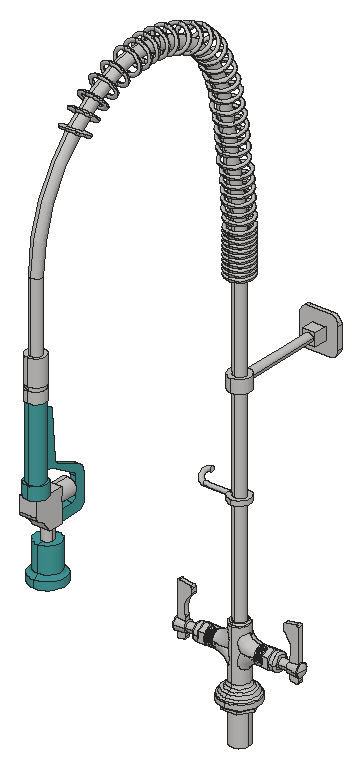
Revit family "Krowne_17-202WL_DeckMount_Pre-Rinse_Faucet", category Plumbing Fixtures, Revit 2018 (continued)
Definition of nested family "Spring_Faucet_Hose"
  Automatic sketch dimensions
    profile plane to Sweep 19 sketch curve = 0"
    plane 4 "Center" to Sweep 20 sketch curve = 1/32"
    Sweep 20 sketch curve to profile plane = 0"
    profile plane to Sweep 20 sketch curve = 0"
    plane 4 "Center" to Sweep 21 sketch curve = 1/32"
    Sweep 21 sketch curve to profile plane = 0"
    profile plane to Sweep 21 sketch curve = 0"
    plane 4 "Center" to Sweep 22 sketch curve = 1/32"
    Sweep 22 sketch curve to profile plane = 0"
    profile plane to Sweep 22 sketch curve = 0"
    plane 4 "Center" to Sweep 23 sketch curve = 1/32"
    Sweep 23 sketch curve to profile plane = 0"
    profile plane to Sweep 23 sketch curve = 0"
    plane 4 "Center" to Sweep 24 sketch curve = 1/32"
    Sweep 24 sketch curve to profile plane = 0"
    profile plane to Sweep 24 sketch curve = 0"
    plane 4 "Center" to Sweep 25 sketch curve = 1/32"
    Sweep 25 sketch curve to profile plane = 0"
    profile plane to Sweep 25 sketch curve = 0"
    plane 4 "Center" to Sweep 26 sketch curve = 1/32"
    Sweep 26 sketch curve to profile plane = 0"
    profile plane to Sweep 26 sketch curve = 0"
    plane 4 "Center" to Sweep 27 sketch curve = 1/32"
    Sweep 27 sketch curve to profile plane = 0"
    profile plane to Sweep 27 sketch curve = 0"
    plane 4 "Center" to Sweep 28 sketch curve = 1/32"
    Sweep 28 sketch curve to profile plane = 0"
    profile plane to Sweep 28 sketch curve = 0"
    plane 4 "Center" to Sweep 29 sketch curve = 1/32"
    Sweep 29 sketch curve to profile plane = 0"
    profile plane to Sweep 29 sketch curve = 0"
    plane 4 "Center" to Sweep 30 sketch curve = 1/32"
    Sweep 30 sketch curve to profile plane = 0"
    profile plane to Sweep 30 sketch curve = 0"
    plane 4 "Center" to Sweep 31 sketch curve = 1/32"
    Sweep 31 sketch curve to profile plane = 0"
    profile plane to Sweep 31 sketch curve = 0"
    plane 4 "Center" to Sweep 32 sketch curve = 1/32"
    Sweep 32 sketch curve to profile plane = 0"
    profile plane to Sweep 32 sketch curve = 0"
    plane 4 "Center" to Sweep 33 sketch curve = 1/32"
    Sweep 33 sketch curve to profile plane = 0"
    profile plane to Sweep 33 sketch curve = 0"
    plane 4 "Center" to Sweep 34 sketch curve = 1/32"
    Sweep 34 sketch curve to profile plane = 0"
    profile plane to Sweep 34 sketch curve = 0"
    plane 4 "Center" to Sweep 35 sketch curve = 1/32"
    Sweep 35 sketch curve to profile plane = 0"
    profile plane to Sweep 35 sketch curve = 0"
    plane 4 "Center" to Sweep 36 sketch curve = 1/32"
    Sweep 36 sketch curve to profile plane = 0"
    profile plane to Sweep 36 sketch curve = 0"
    plane 4 "Center" to Sweep 37 sketch curve = 1/32"
    Sweep 37 sketch curve to profile plane = 0"
    profile plane to Sweep 37 sketch curve = 0"
    plane 4 "Center" to Sweep 38 sketch curve = 1/32"
    Sweep 38 sketch curve to profile plane = 0"
    profile plane to Sweep 38 sketch curve = 0"
    plane 4 "Center" to Sweep 39 sketch curve = 1/32"
    Sweep 39 sketch curve to profile plane = 0"  (x2)
    plane 4 "Center" to Sweep 40 sketch curve = 1/32"
    Sweep 40 sketch curve to profile plane = 0"  (x2)
    plane 4 "Center" to Sweep 41 sketch curve = 1/32"
    Sweep 41 sketch curve to profile plane = 0"  (x2)
    plane 4 "Center" to Sweep 42 sketch curve = 1/32"
    Sweep 42 sketch curve to profile plane = 0"  (x2)
    plane 4 "Center" to Sweep 43 sketch curve = 1/32"
    Sweep 43 sketch curve to profile plane = 0"  (x2)
    plane 4 "Center" to Sweep 44 sketch curve = 1/32"
    Sweep 44 sketch curve to profile plane = 0"  (x2)
    plane 4 "Center" to Sweep 45 sketch curve = 1/32"
    Sweep 45 sketch curve to profile plane = 0"  (x2)
    Sweep 46 sketch curve to plane 1 "BACK" = 0.00055"
    plane 4 "Center" to Sweep 46 sketch curve = 1/32"
    Sweep 46 sketch curve to profile plane = 0"  (x2)
    Sweep 47 sketch curve to plane 1 "BACK" = 0.00055"
    plane 4 "Center" to Sweep 47 sketch curve = 1/32"
    Sweep 47 sketch curve to profile plane = 0"  (x2)
    Sweep 48 sketch curve to plane 1 "BACK" = 0.00055"
    plane 4 "Center" to Sweep 48 sketch curve = 1/32"
    Sweep 48 sketch curve to profile plane = 0"  (x2)
    Sweep 49 sketch curve to plane 1 "BACK" = 0.00055"
    plane 4 "Center" to Sweep 49 sketch curve = 1/32"
    Sweep 49 sketch curve to profile plane = 0"  (x2)
    Sweep 50 sketch curve to plane 1 "BACK" = 0.00055"
    plane 4 "Center" to Sweep 50 sketch curve = 1/32"
    Sweep 50 sketch curve to profile plane = 0"  (x2)
    Extrusion 51 sketch curve to Extrusion 51 sketch curve = 0"  (x2)
    Extrusion 51 sketch curve to plane 1 "BACK" = 0.00055"
    plane 4 "Center" to Extrusion 51 sketch curve = 1/32"
    Extrusion 52 sketch curve to plane 9 "Bottom of Hose Handle" = 1/4"  (x2)
    Extrusion 52 sketch curve to plane 4 "Center" = 1 1/8"
    Extrusion 52 sketch curve to plane 4 "Center" = 5/8"
    Extrusion 52 sketch curve to Extrusion 52 sketch curve = 1/2"
    plane 4 "Center" to Extrusion 52 sketch curve = 5/8"  (x2)
    plane 10 to Extrusion 52 sketch curve = 1/4"
    Extrusion 53 sketch curve to Extrusion 52 = 3/4"  (x4)
    Extrusion 54 sketch curve to Extrusion 53 = 3/8"  (x2)
    plane 14 to curve 42 = 0"
    plane 13 to curve 38 = 0"
    plane 12 "Back of Back Support" to curve 37 = 0"
    plane 4 "Center" to curve 34 = 1 1/8"
    plane 4 "Center" to curve 39 = 3/8"
    curve 39 to plane 4 "Center" = 3/8"
    curve 38 to curve 35 = 3/4"
    curve 42 to plane 11 = 0.09164"
    curve 41 to plane 11 = 0.09164"
    plane 4 "Center" to curve 42 = 1/4"
    curve 41 to plane 4 "Center" = 1/4"
    plane 7 to Extrusion 55 sketch curve = 2.30845"
    plane 10 to Extrusion 55 sketch curve = 47/256"
    plane 7 to Extrusion 55 sketch curve = 1.41356"
    plane 9 "Bottom of Hose Handle" to Extrusion 55 sketch curve = 15/256"
    Extrusion 55 sketch curve to Extrusion 55 sketch curve = 1/4"
    plane 7 to Extrusion 55 sketch curve = 0.47606"
    Extrusion 55 sketch curve to plane 7 = 0.39894"
    Extrusion 55 sketch curve to plane 9 "Bottom of Hose Handle" = 1 1/256"
    Extrusion 55 sketch curve to plane 9 "Bottom of Hose Handle" = 1.9506"
    plane 7 to Revolve 56 sketch curve = 0.91356"
    Revolve 56 sketch curve to Revolve 56 sketch curve = 1/2"
    Revolve 56 sketch curve to Revolve 56 sketch curve = 1/16"  (x2)
    plane 10 to Revolve 56 sketch curve = 5 63/256"
    Revolve 56 sketch curve to Revolve 56 sketch curve = 5/8"
    Revolve 56 sketch curve to Revolve 56 sketch curve = 1/4"
    Revolve 56 sketch curve to Revolve 56 sketch curve = 1 1/2"
    Revolve 56 sketch curve to Revolve 56 sketch curve = 0"
    plane 10 to Revolve 56 sketch curve = 47/256"
    Revolve 56 sketch curve to Revolve 56 sketch curve = 13/16"
    Extrusion 57 sketch curve to Extrusion 57 sketch curve = 0"  (x2)
    Extrusion 57 sketch curve to plane 1 "BACK" = 0.00055"
    plane 4 "Center" to Extrusion 57 sketch curve = 1/32"
    radius of Extrusion 1 sketch curve = 0.34"
    radius of Sweep 3 sketch curve = 87/256"
    radius of Sweep 4 sketch curve = 1/8"
    radius of Sweep 5 sketch curve = 5/16"
    radius of Sweep 9 sketch curve = 0.72"
    radius of Sweep 9 sketch curve = 0.08178"
    radius of Sweep 10 sketch curve = 0.72"
    radius of Sweep 10 sketch curve = 0.08178"
    radius of Sweep 11 sketch curve = 0.72"
    radius of Sweep 11 sketch curve = 0.08178"
    radius of Sweep 12 sketch curve = 0.72"
    radius of Sweep 12 sketch curve = 0.08178"
    radius of Sweep 13 sketch curve = 0.72"
    radius of Sweep 13 sketch curve = 0.08178"
    radius of Sweep 14 sketch curve = 0.72"
    radius of Sweep 14 sketch curve = 0.08178"
    radius of Sweep 15 sketch curve = 0.72"
    radius of Sweep 15 sketch curve = 0.08178"
    radius of Sweep 16 sketch curve = 0.72"
    radius of Sweep 16 sketch curve = 0.08178"
    radius of Sweep 17 sketch curve = 0.72"
    radius of Sweep 17 sketch curve = 0.08178"
    radius of Sweep 18 sketch curve = 0.72"
    radius of Sweep 18 sketch curve = 0.08178"
    radius of Sweep 19 sketch curve = 0.72"
    radius of Sweep 19 sketch curve = 0.08178"
    radius of Sweep 20 sketch curve = 0.72"
    radius of Sweep 20 sketch curve = 0.08178"
    radius of Sweep 21 sketch curve = 0.72"
    radius of Sweep 21 sketch curve = 0.08178"
    radius of Sweep 22 sketch curve = 0.72"
    radius of Sweep 22 sketch curve = 0.08178"
    radius of Sweep 23 sketch curve = 0.72"
    radius of Sweep 23 sketch curve = 0.08178"
    radius of Sweep 24 sketch curve = 0.72"
    radius of Sweep 24 sketch curve = 0.08178"
    radius of Sweep 25 sketch curve = 0.72"
    radius of Sweep 25 sketch curve = 0.08178"
    radius of Sweep 26 sketch curve = 0.72"
    radius of Sweep 26 sketch curve = 0.08178"
    radius of Sweep 27 sketch curve = 0.72"
    radius of Sweep 27 sketch curve = 0.08178"
    radius of Sweep 28 sketch curve = 0.72"
    radius of Sweep 28 sketch curve = 0.08178"
    radius of Sweep 29 sketch curve = 0.72"
    radius of Sweep 29 sketch curve = 0.08178"
    radius of Sweep 30 sketch curve = 0.72"
    radius of Sweep 30 sketch curve = 0.08178"
    radius of Sweep 31 sketch curve = 0.72"
    radius of Sweep 31 sketch curve = 0.08178"
    radius of Sweep 32 sketch curve = 0.72"
    radius of Sweep 32 sketch curve = 0.08178"
    radius of Sweep 33 sketch curve = 0.72"
    radius of Sweep 33 sketch curve = 0.08178"
    radius of Sweep 34 sketch curve = 0.72"
    radius of Sweep 34 sketch curve = 0.08178"
    radius of Sweep 35 sketch curve = 0.72"
    radius of Sweep 35 sketch curve = 0.08178"
    radius of Sweep 36 sketch curve = 0.72"
    radius of Sweep 36 sketch curve = 0.08178"
    radius of Sweep 37 sketch curve = 0.72"
    radius of Sweep 37 sketch curve = 0.08178"
    radius of Sweep 38 sketch curve = 0.72"
    radius of Sweep 38 sketch curve = 0.08178"
    radius of Sweep 39 sketch curve = 0.72"
    radius of Sweep 39 sketch curve = 0.08178"
    radius of Sweep 40 sketch curve = 0.72"
    radius of Sweep 40 sketch curve = 0.08178"
    radius of Sweep 41 sketch curve = 0.72"
    radius of Sweep 41 sketch curve = 0.08178"
    radius of Sweep 42 sketch curve = 0.72"
    radius of Sweep 42 sketch curve = 0.08178"
    radius of Sweep 43 sketch curve = 0.72"
    radius of Sweep 43 sketch curve = 0.08178"
    radius of Sweep 44 sketch curve = 0.72"
    radius of Sweep 44 sketch curve = 0.08178"
    radius of Sweep 45 sketch curve = 0.72"
    radius of Sweep 45 sketch curve = 0.08178"
    radius of Sweep 46 sketch curve = 0.72"
    radius of Sweep 46 sketch curve = 0.08178"
    radius of Sweep 47 sketch curve = 0.72"
    radius of Sweep 47 sketch curve = 0.08178"
    radius of Sweep 48 sketch curve = 0.72"
    radius of Sweep 48 sketch curve = 0.08178"
    radius of Sweep 49 sketch curve = 0.72"
    radius of Sweep 49 sketch curve = 0.08178"
    radius of Sweep 50 sketch curve = 0.72"
    radius of Sweep 50 sketch curve = 0.08178"
    radius of Extrusion 51 sketch curve = 5/8"
    radius of Extrusion 51 sketch curve = 0.34"
    radius of Extrusion 54 sketch curve = 1/4"
    radius of Extrusion 57 sketch curve = 5/8"
    radius of Extrusion 57 sketch curve = 0.34"
